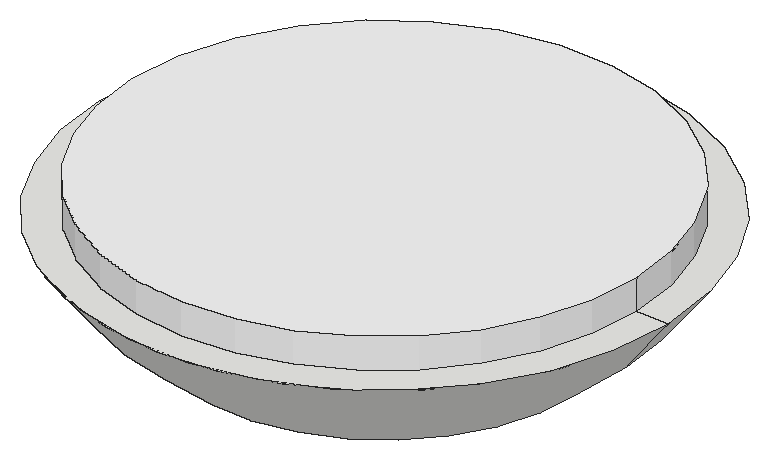
Revit family "GAZ SOL", category Leuchten, Revit 2018
Family settings
  Bemaßung runder Anschluss = Durchmesser verwenden
  Teiletyp = Normal
  OmniClass-Nummer = 23.80.70.11.21
  OmniClass-Titel = Emergency Lighting
  Arbeitsebenenbasiert = Nein
  Immer vertikal = Ja
  Beim Laden mit Abzugskörper schneiden = Ja
  Lichtquelle = Ja
  Gemeinsam genutzt = Nein
  Raumberechnungspunkt = Nein
Parameters (values of type "SOL M R DA")
  _Versorgung = 1
  built-in parameter 1150104 = 13.8 (stored number, unit not read)
  Werkstoff, Gehäuse Notbeleuchtung = "Stahl, beschichtet"  # constant formula
  Wattage = 20.6743 W
  built-in parameter 1150113 = 1 (stored number, unit not read)
  built-in parameter 1114218 = 1 (stored number, unit not read)
  Umgebungstemperatur Grad C = if(or(_Versorgung = 1, _Versorgung = 2), "-10 bis +40", if(_Versorgung = 3, "0 bis +40", "bitte korrekte Versorgung wählen"))  # "-10 bis +40"
  URL = "https://gaz.de/"
  Typenkommentare = Montage Notleuchte  # "Deckenanbau"
  Tiefe = 490 mm
  built-in parameter 1150134 = 2
  built-in parameter 1150109 = 1 (stored number, unit not read)
  built-in parameter 1150110 = 1 (stored number, unit not read)
  Spannung = 230 V
  Schutzklasse elektrische Betriebsmittel = "I"  # constant formula
  Schutzart = "wählbar: IP40, IP65"
  Scheinlast = if(and(B_Sol Typ = 1, _Versorgung = 1), 17.3 VA, if(and(B_Sol Typ = 2, _Versorgung = 1), 32 VA, if(_Versorgung = 2, 9.5 VA, if(_Versorgung = 3, 15.2 VA, 0 VA))))  # 32 VA
  Produktinformationen = "https://gaz.de/g-light/sicherheitsleuchten/"
  Montage/-Deckenhöhe [instance] = 2500 mm
  Montage Notleuchte = if(B_Montage = 1, "Deckenanbau", if(B_Montage = 2, "Deckenanbau, Aufhängung mit Seil", if(B_Montage = 3, "Deckeneinbau", if(B_Montage = 4, "Deckeneinbau, Aufhängung mit Seil", if(B_Montage = 5, "Wandanbau", if(B_Montage = 6, "Wandeinbau", "-"))))))  # "Deckenanbau"
  Modell = "SOL M R DA"
  built-in parameter 1114217 = 1 (stored number, unit not read)
  built-in parameter 1150139 = (empty or 0)
  built-in parameter 1150105 = 244.38 (stored number, unit not read)
  built-in parameter 1150114 = 1 (stored number, unit not read)
  Lumens = 3071 lm
  built-in parameter 1150115 = 1 (stored number, unit not read)
  Leuchte Bauweise = "im Kompaktgehäuse"  # constant formula
  built-in parameter 1150112 = 1 (stored number, unit not read)
  Lampe = Ausbildung Leuchtmittel  # "LED"
  Höhe = 160 mm
  Hersteller = "GAZ Notstromsysteme GmbH"  # constant formula
  Größe des Lichtquellensymbols = 20 mm  # constant formula
  Gehäusefarbe = "weiß"  # constant formula
  Dimming Lamp Color Temperature Shift = (empty or 0)
  Color Filter = 16777215
  built-in parameter 1150133 = 10 (stored number, unit not read)
  built-in parameter 1150137 = (empty or 0)
  built-in parameter 1150132 = 2
  Durchmesser = 490 mm
  Breite = 490 mm
  Betriebsart Notbeleuchtung = "Bereitschaftsschaltung"  # constant formula
  Beschreibung = "universell einsetzbare Allgemeinleuchte, wahlweise mit integrierter Sicherheitsbeleuchtung"  # constant formula
  Bemessungsbetriebsspannung V = "230 AC/220 DC (+/- 20%)"  # constant formula
  Bemessungsbetriebsdauer h Notlichtstrahler = if(_Versorgung = 3, "wählbar zwischen 3h und 8h", "-")  # "-"
  built-in parameter 1150106 = 2.4438 (stored number, unit not read)
  Bauteil, Not-/Sicherheitsbeleuchtung = Bauelement  # "Sicherheitsleuchte"
  Bauelement = "Sicherheitsleuchte"  # constant formula
  B_Sol Typ = 2
  B_MK Versatz rechts = 0 mm
  B_MK Versatz links = 0 mm
  B_MK Form rund Wand = no
  B_MK Form rund Decke = yes
  B_Leuchtkörper Radius = 245 mm
  B_Leuchtkörper Höhe = 134 mm
  B_Leuchtkörper Bogen = 290 mm
  B_Halter Durchmesser = 435 mm
  B_Halter Dicke = 26 mm
  B_Bel Versatz oben = 260 mm
  B_Bel Versatz hinten = 245 mm
  B_Anschluss Versatz hinten = 245 mm
  B_Montage WE = B_Montage = 6  # no
  B_Montage WA = B_Montage = 5  # no
  B_Montage DE Seil = B_Montage = 4  # no
  B_Montage DE = B_Montage = 3  # no
  B_Montage DA Seil = B_Montage = 2  # no
  B_Montage DA = B_Montage = 1  # yes
  B_Montage = 1
  B_MK Versatz unten = 134 mm
  B_MK Versatz oben = 0 mm
  B_MK Versatz vorn = 0 mm
  B_MK Versatz hinten = 0 mm
  B_Einfüge Versatz von oben = 0 mm
  B_Einfüge Versatz von vorn = 245 mm
  B_Anschuss Versatz oben = 10 mm
  Ausbildung Leuchtmittel = "LED"  # constant formula
  built-in parameter 1150107 = 5000 (stored number, unit not read)
  built-in parameter 1150102 = (empty or 0)
  built-in parameter 1150138 = (empty or 0)
Types (5, lengths in mm): name | Wattage | Typenkommentare | Tiefe | Schutzart | Scheinlast | Montage Notleuchte | Modell | built-in parameter 1150105 | Lumens | Höhe | Durchmesser | Breite | built-in parameter 1150106 | B_Sol Typ | B_MK Form rund Wand | B_MK Form rund Decke | B_Leuchtkörper Radius | B_Leuchtkörper Höhe | B_Leuchtkörper Bogen | B_Halter Durchmesser | B_Halter Dicke | B_Bel Versatz oben | B_Bel Versatz hinten | B_Anschluss Versatz hinten | B_Montage WA | B_Montage DA | B_Montage | B_MK Versatz unten | B_MK Versatz vorn | B_Einfüge Versatz von vorn | B_Anschuss Versatz oben
  (no name) | 20.6743 W | "Deckenanbau" | 490 | "wählbar: IP40, IP65" | 32 VA | "Deckenanbau" | "SOL M R DA" | 244.38 (stored number, unit not read) | 3071 lm | 160 | 490 | 490 | 2.4438 (stored number, unit not read) | 2 | no | yes | 245 | 134 | 290 | 435 | 26 | 260 | 245 | 245 | no | yes | 1 | 134 | 0 | 245 | 10
  SOL S R DA | 9.31723 W | "Deckenanbau" | 380 | "IP40" | 17.3 VA | "Deckenanbau" | "SOL S R DA" | 110.14 (stored number, unit not read) | 1384 lm | 125 | 380 | 380 | 1.1014 (stored number, unit not read) | 1 | no | yes | 190 | 109 | 220 | 330 | 16 | 225 | 190 | 190 | no | yes | 1 | 109 | 0 | 190 | 10
  SOL M R DA | 20.6743 W | "Deckenanbau" | 490 | "wählbar: IP40, IP65" | 32 VA | "Deckenanbau" | "SOL M R DA" | 244.38 (stored number, unit not read) | 3071 lm | 160 | 490 | 490 | 2.4438 (stored number, unit not read) | 2 | no | yes | 245 | 134 | 290 | 435 | 26 | 260 | 245 | 245 | no | yes | 1 | 134 | 0 | 245 | 10
  SOL S R WA | 9.31723 W | "Wandanbau" | 125 | "IP40" | 17.3 VA | "Wandanbau" | "SOL S R WA" | 110.14 (stored number, unit not read) | 1384 lm | 380 | 380 | 380 | 1.1014 (stored number, unit not read) | 1 | yes | no | 190 | 109 | 220 | 330 | 16 | 190 | 225 | 115 | yes | no | 5 | 0 | 109 | 125 | 190
  SOL M R WA | 20.6743 W | "Wandanbau" | 160 | "wählbar: IP40, IP65" | 32 VA | "Wandanbau" | "SOL M R WA" | 244.38 (stored number, unit not read) | 3071 lm | 490 | 490 | 490 | 2.4438 (stored number, unit not read) | 2 | yes | no | 245 | 134 | 290 | 435 | 26 | 245 | 260 | 150 | yes | no | 5 | 0 | 134 | 160 | 245
Reference planes
  plane 1 "Mitte V / H": y = 0
  plane 2 "Ref": z = 0
  plane 3 "Mitte L / R": x = 0
  plane 4 "Leuchte OK": z = 2500
  plane 5 "Leuchte UK": z = 2340
  plane 6 "Leuchte links": x = -245
  plane 7 "Leuchte Rechts": x = 245
  plane 8 "MK OK": z = 2500
  plane 9 "MK UK": z = 2474
  plane 10 "Hinten": y = 245
  plane 11 "Vorn": y = -245
  plane 12 "MK vorn": y = -245
  plane 13 "MK hinten": y = 245
  plane 14 "MK links": x = -245
  plane 15 "MK rechts": x = 245
  plane 16 "el Anschluss": z = 2490
  plane 17 "Mitte O / U": z = 2420
  plane 18 "Einfügeebene v/h": y = 0
  plane 19 "Einfügeebene o/u": z = 2500
  plane 20 "Bel Mitte o / u": z = 2240
  plane 21 "Bel Mitte v / h": y = 0
Forms (mm)
  Extrusion 1, solid, material "Stahl weiss", visible <- "B_MK Form rund Decke"
    sketch origin (0, 0, 2474) x (-1, 0, 0) y (0, -1, 0)
      loop
        circle (0, 0) r 217.5
    from 0 to 26 <- "B_Halter Dicke"
  Extrusion 2, solid, material "Stahl weiss", visible <- "B_MK Form rund Wand"
    sketch origin (0, -245, 0) x (-1, 0, 0) y (0, 0, 1)
      loop
        circle (0, 2420) r 217.5
    from 0 to 26 <- "B_Halter Dicke"
  Revolve 3, solid, material "Weiss leuchtend", visible <- "B_MK Form rund Decke"
    sketch origin (0, 0, 0) x (1, 0, 0) y (0, 0, 1)
      loop
        line (0, 2474) -> (-245, 2474)
        arc (-245, 2474) -> (-139.691, 2375.569) -> (0, 2340) r 290
        line (0, 2340) -> (0, 2474)
      axis (0, 2474) -> (0, 2340)
    angle from 0 to 360
  Revolve 4, solid, material "Weiss leuchtend", visible <- "B_MK Form rund Wand"
    sketch origin (0, 0, 2420) x (-1, 0, 0) y (0, -1, 0)
      loop
        arc (245, 245) -> (139.691, 343.431) -> (0, 379) r 290
        line (0, 379) -> (0, 245) -> (245, 245)
      axis (0, 245) -> (0, 379)
    angle from 0 to 360
Dimensions and locks
  equal spacing: plane 6 "Leuchte links", plane 3 "Mitte L / R", plane 7 "Leuchte Rechts"  (x2)
  "Höhe": plane 4 "Leuchte OK" to plane 5 "Leuchte UK"
  "B_MK Versatz oben": plane 4 "Leuchte OK" to plane 8 "MK OK"
  "B_MK Versatz unten": plane 9 "MK UK" to plane 5 "Leuchte UK"
  equal spacing: plane 10 "Hinten", plane 1 "Mitte V / H", plane 11 "Vorn"
  "Tiefe": plane 10 "Hinten" to plane 11 "Vorn"
  "Breite": plane 6 "Leuchte links" to plane 7 "Leuchte Rechts"
  "B_MK Versatz hinten": plane 10 "Hinten" to plane 13 "MK hinten"
  "B_MK Versatz vorn": plane 12 "MK vorn" to plane 11 "Vorn"
  equal spacing: plane 4 "Leuchte OK", plane 17 "Mitte O / U", plane 5 "Leuchte UK"
  "B_Anschuss Versatz oben": plane 4 "Leuchte OK" to plane 16 "el Anschluss"
  "B_Einfüge Versatz von vorn": plane 18 "Einfügeebene v/h" to plane 11 "Vorn"
  "Montage/-Deckenhöhe": plane 19 "Einfügeebene o/u" to plane 2 "Ref"
  "B_Einfüge Versatz von oben": plane 19 "Einfügeebene o/u" to plane 4 "Leuchte OK"
  "B_Anschluss Versatz hinten": connector elem to plane 11 "Vorn"
  "B_MK Versatz links": plane 6 "Leuchte links" to plane 14 "MK links"
  "B_MK Versatz rechts": plane 15 "MK rechts" to plane 7 "Leuchte Rechts"
  "B_Bel Versatz hinten": plane 21 "Bel Mitte v / h" to plane 10 "Hinten"
  "B_Bel Versatz oben": plane 20 "Bel Mitte o / u" to plane 4 "Leuchte OK"
  "B_Leuchtkörper Höhe": Revolve 3 sketch curve to Revolve 3 sketch curve
  "B_Leuchtkörper Radius": plane 3 "Mitte L / R" to Revolve 3 sketch curve
  "B_Leuchtkörper Radius": Revolve 4 sketch curve to plane 3 "Mitte L / R"
  "B_Leuchtkörper Höhe": Revolve 4 sketch curve to Revolve 4 sketch curve
  "B_Halter Durchmesser": diameter of Extrusion 1 sketch curve
  "B_Halter Durchmesser": diameter of Extrusion 2 sketch curve
  "B_Leuchtkörper Bogen": radius of Revolve 4 sketch curve
  "B_Leuchtkörper Bogen": radius of Revolve 3 sketch curve
  aligned and locked: level to plane 2 "Ref"
  aligned and locked: plane 3 "Mitte L / R" to Extrusion 1 sketch curve
  aligned and locked: plane 1 "Mitte V / H" to Extrusion 1 sketch curve
  aligned and locked: plane 3 "Mitte L / R" to Extrusion 2 sketch curve
  aligned and locked: plane 17 "Mitte O / U" to Extrusion 2 sketch curve
  aligned and locked: plane 21 "Bel Mitte v / h" to imposter light
  aligned and locked: plane 20 "Bel Mitte o / u" to imposter light
  aligned and locked: plane 9 "MK UK" to Revolve 3 sketch curve
  aligned and locked: Revolve 3 sketch curve to plane 3 "Mitte L / R"
  aligned and locked: Revolve 4 sketch curve to plane 12 "MK vorn"
  aligned and locked: Revolve 4 sketch curve to plane 3 "Mitte L / R"
  aligned and locked: Extrusion 1 to plane 9 "MK UK"
Automatic sketch dimensions
  Revolve 3 sketch curve to plane 3 "Mitte L / R" = 0 mm
  Revolve 3 sketch curve to level = 271.696 mm
  Revolve 3 sketch curve to plane 4 "Leuchte OK" = 17.132 mm
  Revolve 4 sketch curve to plane 3 "Mitte L / R" = 0 mm
  plane 10 "Hinten" to Revolve 4 sketch curve = 2.709 mm
  Revolve 4 sketch curve to plane 11 "Vorn" = 1.717 mm
Connectors
  electrical at (0, 0, 2490), driven by "Spannung", driven by "Scheinlast"
    settings: index 1, voltage 230 V, apparent load 0 VA, apparent load phase1 32 VA, apparent load phase2 0 VA, apparent load phase3 0 VA, power factor 1, load classification "Beleuchtung", number of poles 1, system type 31, power factor state 1, is connector primary yes, connector utility yes, sub classification motor no, connector description ""
